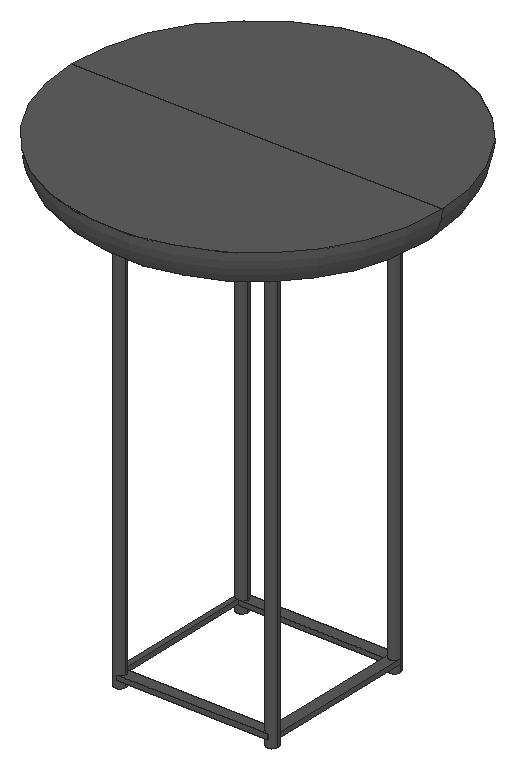
Revit family "Haworth_Torei_Table_Round", category Furniture, Revit 2018
Family settings
  OmniClass Number = 23.40.20.00
  OmniClass Title = General Furniture and Specialties
  Work Plane-Based = No
  Always vertical = Yes
  Cut with Voids When Loaded = No
  Shared = No
  Room Calculation Point = No
Parameters (values of type "HCCS-2015")
  Warranty = "http://www.haworth.com/resources/product-info/warranties"
  Version = "3"  # constant formula
  URL - Product = "https://www.haworth.com/na/en/products/side-occasional/torei.html"
  URL = "http://www.haworth.com/our-brands/haworth-collection"
  Table Finish [instance] = Haworth _ Wood _ Torei _ Ash Black
  Standard Height = "20 Inches"  # constant formula
  Standard Diameter = "15.3 Inches"  # constant formula
  Model = "HCCS-2015"
  Manufacturer = "Haworth"  # constant formula
  Description = "Haworth Torei Table Round - 15w 20h"
  Base Finish = Haworth _ Paint _ Collection Black
  Author = "SHAPE Environments, LLC"  # constant formula
  Assembly Code = "E2020200"
  Actual Height = 20.0"  # constant formula
  Actual Diameter = 15.3"  # constant formula
Reference planes (in)
  plane 1 "Center Front/Back": y = 0
  plane 2: z = 0
  plane 3 "Center Left/Right": x = 0
  plane 4 "Top of Table": z = 20
  plane 5 "bottom of horiz. leg": z = 0.3937
  plane 6 "Bottom of Table": z = 18.4252
  plane 7: x = 3.1496
  plane 8: x = -3.1496
  plane 9: y = 3.1496
  plane 10: y = -3.1496
  plane 11: y = -7.65
  plane 12: y = 7.65
  plane 13: x = -7.65
  plane 14: x = 7.65
Forms (in)
  Extrusion 1, solid, material "Haworth _ Paint _ Collection Black" <- "Base Finish"
    sketch origin (7.67748, 0, 0) x (1, 0, 0) y (0, 1, 0)
      loop
        circle (-10.82708, 3.1496) r 0.2362
    from 0 to 18.4252
  Extrusion 2, solid, material "Haworth _ Paint _ Collection Black" <- "Base Finish"
    sketch origin (7.67748, 0, 0) x (1, 0, 0) y (0, 1, 0)
      loop
        circle (-4.52788, 3.1496) r 0.2362
    from 0 to 18.4252
  Extrusion 3, solid, material "Haworth _ Paint _ Collection Black" <- "Base Finish"
    sketch origin (7.67748, 0, 0) x (1, 0, 0) y (0, 1, 0)
      loop
        circle (-4.52788, -3.1496) r 0.2362
    from 0 to 18.4252
  Extrusion 4, solid, material "Haworth _ Paint _ Collection Black" <- "Base Finish"
    sketch origin (7.67748, 0, 0) x (1, 0, 0) y (0, 1, 0)
      loop
        circle (-10.82708, -3.1496) r 0.2362
    from 0 to 18.4252
  Extrusion 5, solid, material "Haworth _ Paint _ Collection Black" <- "Base Finish"
    sketch origin (7.67748, 0, 0) x (1, 0, 0) y (0, 0, 1)
      loop
        line (-10.82708, 0.29525) -> (-10.82708, 0.49215) -> (-11.06338, 0.49215) -> (-11.06338, 0.29525) -> (-10.82708, 0.29525)
    from -3.1496 to 3.1496
  Extrusion 6, solid, material "Haworth _ Paint _ Collection Black" <- "Base Finish"
    sketch origin (7.67748, 0, 0) x (1, 0, 0) y (0, 0, 1)
      loop
        line (-4.29158, 0.29525) -> (-4.29158, 0.49215) -> (-4.76418, 0.49215) -> (-4.76418, 0.29525) -> (-4.29158, 0.29525)
    from -3.1496 to 3.1496
  Extrusion 7, solid, material "Haworth _ Paint _ Collection Black" <- "Base Finish"
    sketch origin (0, 0, 0) x (0, 1, 0) y (0, 0, 1)
      loop
        line (3.3859, 0.29525) -> (3.3859, 0.49215) -> (2.9133, 0.49215) -> (2.9133, 0.29525) -> (3.3859, 0.29525)
    from -3.1496 to 3.1496
  Extrusion 8, solid, material "Haworth _ Paint _ Collection Black" <- "Base Finish"
    sketch origin (0, 0, 0) x (0, 1, 0) y (0, 0, 1)
      loop
        line (-2.9133, 0.49215) -> (-3.3859, 0.49215) -> (-3.3859, 0.29525) -> (-2.9133, 0.29525) -> (-2.9133, 0.49215)
    from -3.1496 to 3.1496
  Revolve 9, solid, material "Haworth _ Wood _ Torei _ Ash Black" <- "Table Finish"
    sketch origin (0, 0, 0) x (1, 0, 0) y (0, 0, 1)
      loop
        line (0, 20) -> (0, 18.4252) -> (6.7587, 18.4252)
        arc (6.7587, 18.4252) -> (7.40712, 19.09784) -> (7.65, 20) r 1.87322
        line (7.65, 20) -> (0, 20)
      axis (0, 18.4252) -> (0, 20)
    angle from 0 to 360
Lines and regions (in)
  Masking region 1
    outline origin (0, 0, 20) x (-1, 0, 0) y (0, -1, 0)
      loop
        circle (0, 0) r 7.65
Dimensions and locks (in)
  locked: plane 4 "Top of Table" to plane 6 "Bottom of Table" at 1.5748
  plane 5 "bottom of horiz. leg" to plane 2 = 0.3937"
  "Actual Height": plane 4 "Top of Table" to level
  equal spacing: plane 7, plane 3 "Center Left/Right", plane 8
  equal spacing: plane 9, plane 1 "Center Front/Back", plane 10
  equal spacing: plane 8, plane 3 "Center Left/Right", plane 7
  level to plane 4 "Top of Table" = 20.0"
  "Actual Diameter": plane 13 to plane 14
  equal spacing: plane 13, plane 3 "Center Left/Right", plane 14
  equal spacing: plane 12, plane 1 "Center Front/Back", plane 11
  "Actual Diameter": plane 12 to plane 11
  aligned and locked: level to plane 2
  aligned and locked: Extrusion 8 to plane 8
  aligned and locked: plane 8 to Extrusion 5
  aligned and locked: plane 7 to Extrusion 8
  aligned and locked: plane 7 to Extrusion 7
  aligned and locked: Extrusion 7 to plane 8
  aligned and locked: Extrusion 6 to plane 10
  aligned and locked: Extrusion 5 to plane 10
  aligned and locked: plane 9 to Extrusion 5
  aligned and locked: plane 9 to Extrusion 6
  aligned and locked: plane 6 "Bottom of Table" to Extrusion 1
  aligned and locked: plane 6 "Bottom of Table" to Extrusion 2
  aligned and locked: Extrusion 1 to plane 6 "Bottom of Table"
  aligned and locked: Extrusion 2 to plane 6 "Bottom of Table"
  aligned and locked: plane 6 "Bottom of Table" to Extrusion 4
  aligned and locked: plane 6 "Bottom of Table" to Extrusion 3
Automatic sketch dimensions
  Extrusion 1 sketch curve to plane 1 "Center Front/Back" = 3.1496"
  Extrusion 2 sketch curve to plane 1 "Center Front/Back" = 3.1496"
  plane 3 "Center Left/Right" to Extrusion 2 sketch curve = 3.1496"
  plane 3 "Center Left/Right" to Extrusion 3 sketch curve = 3.1496"
  plane 1 "Center Front/Back" to Extrusion 3 sketch curve = 3.1496"
  plane 1 "Center Front/Back" to Extrusion 4 sketch curve = 3.1496"
  Extrusion 1 sketch curve to plane 3 "Center Left/Right" = 3.1496"
  Extrusion 4 sketch curve to plane 3 "Center Left/Right" = 3.1496"
  Revolve 9 sketch curve to plane 3 "Center Left/Right" = 0.0"  (x2)
  Revolve 9 sketch curve to plane 4 "Top of Table" = 0.0"
  plane 4 "Top of Table" to Revolve 9 sketch curve = 0.02051"
  plane 7 to Revolve 9 sketch curve = 2.6273"
  Revolve 9 sketch curve to Revolve 9 sketch curve = 0.9818"
  plane 5 "bottom of horiz. leg" to Revolve 9 sketch curve = 9.0"
  plane 4 "Top of Table" to Revolve 9 sketch curve = 7.1437"
  Revolve 9 sketch curve to plane 6 "Bottom of Table" = 0.0"
  plane 5 "bottom of horiz. leg" to Extrusion 6 sketch curve = 0.09845"
  Extrusion 6 sketch curve to plane 7 = 0.2363"
  Extrusion 6 sketch curve to plane 5 "bottom of horiz. leg" = 0.09845"
  plane 7 to Extrusion 6 sketch curve = 0.2363"
  Extrusion 5 sketch curve to plane 5 "bottom of horiz. leg" = 0.09845"
  Extrusion 5 sketch curve to plane 8 = 0.2363"
  plane 5 "bottom of horiz. leg" to Extrusion 5 sketch curve = 0.09845"
  plane 8 to Extrusion 5 sketch curve = 0.0"
  plane 5 "bottom of horiz. leg" to Extrusion 7 sketch curve = 0.09845"
  Extrusion 7 sketch curve to plane 9 = 0.2363"
  plane 9 to Extrusion 7 sketch curve = 0.2363"
  level to Extrusion 7 sketch curve = 0.29525"
  plane 5 "bottom of horiz. leg" to Extrusion 8 sketch curve = 0.09845"
  Extrusion 8 sketch curve to plane 10 = 0.2363"
  plane 10 to Extrusion 8 sketch curve = 0.2363"
  Extrusion 8 sketch curve to plane 5 "bottom of horiz. leg" = 0.09845"
  plane 1 "Center Front/Back" to Masking region 1 sketch curve = 0.0"
  Masking region 1 sketch curve to plane 3 "Center Left/Right" = 0.0"
  radius of Extrusion 1 sketch curve = 0.2362"
  radius of Extrusion 2 sketch curve = 0.2362"
  radius of Extrusion 3 sketch curve = 0.2362"
  radius of Extrusion 4 sketch curve = 0.2362"
  radius of Masking region 1 sketch curve = 7.65"
